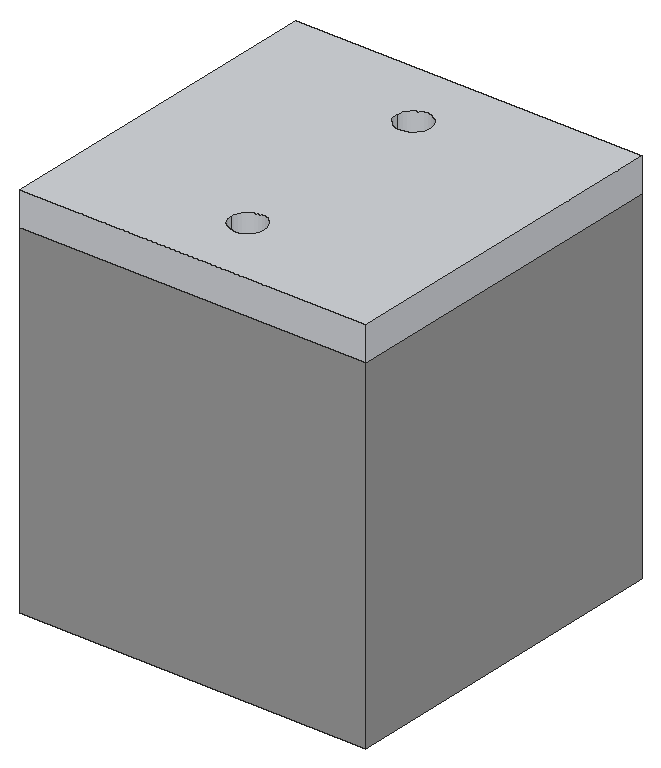
Revit family "Manhole", category Plumbing Fixtures, Revit 2022
Family settings
  Round Connector Dimension = Use Diameter
  Part Type = Normal
  OmniClass Number = 23.45.00.00
  OmniClass Title = Sanitary, Laundry, and Cleaning Equipment
  Work Plane-Based = Yes
  Always vertical = No
  Cut with Voids When Loaded = No
  Maintain Annotation Orientation = No
  Shared = No
  Room Calculation Point = No
Parameters (values of type "Catch Basin Grey")
  frame distance [instance] = 800 mm
  Overall Size [instance] = 1000 mm
  Manhole Depth(to Top of PCC) [instance] = 995 mm
  Manhole Size [instance] = 600 mm
  PCC thickness [instance] = 300 mm
  Default Elevation = 1219.2 mm
Reference planes
  plane 1 "Center (Front/Back)": y = 0
  plane 2: z = 0
  plane 3 "Center (Left/Right)": x = 0
  plane 4: z = 0
  plane 5: z = -995
  plane 6: y = 500
  plane 7: y = -500
  plane 8: x = -500
  plane 9: x = 500
  plane 10: x = -400
  plane 11: x = 400
  plane 12: y = -400
  plane 13: y = 400
Forms (mm)
  Sweep 1, solid, material "Default Floor"
    path origin (-143.147, 0, 0) x (1, 0, 0) y (0, 1, 0)
      loop
        line (-356.853, 500) -> (-356.853, -500) -> (643.147, -500) -> (643.147, 500) -> (-356.853, 500)
    profile origin (0, 500, 0) x (0, 1, 0) y (0, 0, 1)
      loop
        line (0, 0) -> (-100, 0) -> (-100, -1000) -> (0, -1000) -> (0, 0)
Dimensions and locks
  "Manhole Depth(to Top of PCC)": level to plane 5
  equal spacing: plane 7, plane 1 "Center (Front/Back)", plane 6
  "Overall Size": plane 7 to plane 6
  equal spacing: plane 8, plane 3 "Center (Left/Right)", plane 9
  "Overall Size": plane 8 to plane 9
  "frame distance": plane 13 to plane 12
  "frame distance": plane 10 to plane 11
  equal spacing: plane 10, plane 3 "Center (Left/Right)", plane 11
  equal spacing: plane 13, plane 1 "Center (Front/Back)", plane 12
  aligned and locked: level to plane 2
  aligned and locked: Sweep 1 sketch curve to plane 6
  aligned and locked: plane 6 to Sweep 1 sketch curve
  aligned and locked: plane 8 to Sweep 1 sketch curve
  aligned and locked: plane 7 to Sweep 1 sketch curve
  aligned and locked: Sweep 1 sketch curve to plane 9
  aligned and locked: plane 12 to Sweep 1
  aligned and locked: Sweep 1 to plane 13
  aligned and locked: Sweep 1 to plane 11
  aligned and locked: plane 10 to Sweep 1
  aligned and locked: Sweep 1 sketch curve to plane 13
  aligned and locked: level to Sweep 1 sketch curve
  aligned and locked: plane 3 "Center (Left/Right)" to nested 1
  aligned and locked: plane 1 "Center (Front/Back)" to nested 1
  aligned and locked: nested 1 to level
Automatic sketch dimensions
  Sweep 1 sketch curve to Sweep 1 sketch curve = 1000 mm
Nested families
  nested 1: "Trench cover" at (0, 0, 100), W <- "Overall Size", type "Trench cover"
    with t 100 mm, W 1000 mm
Definition of nested family "Trench cover"
  Parameters (values of type "Trench cover")
    t [instance] = 212.804 mm
    W [instance] = 1600 mm
    Offset = 200 mm
    Hole dia = 50 mm
    Default Elevation = 0 mm
  Reference planes
    plane 1 "Center (Front/Back)": y = 0
    plane 2: z = 0
    plane 3 "Center (Left/Right)": x = 0
    plane 4: x = 800
    plane 5: x = -800
    plane 6: y = 800
    plane 7: y = -800
    plane 8: z = -212.804
    plane 9: x = -600
    plane 10: x = 600
    plane 11: y = -600
    plane 12: y = 600
  Forms (mm)
    Extrusion 1, solid
      sketch origin (0, 0, 0) x (1, 0, 0) y (0, 1, 0)
        loop
          line (-800, 800) -> (-800, -800) -> (800, -800) -> (800, 800) -> (-800, 800)
      from 0 to -212.804
    Extrusion 2, void
      sketch origin (0, 0, 0) x (1, 0, 0) y (0, 1, 0)
        loop
          circle (0, 600) r 50
        loop
          circle (0, -600) r 50
      from 0 to -212.804
  Cuts and joins
    Extrusion 2 cuts Extrusion 1
  Dimensions and locks
    equal spacing: plane 5, plane 3 "Center (Left/Right)", plane 4
    equal spacing: plane 6, plane 1 "Center (Front/Back)", plane 7
    "W": plane 6 to plane 7
    "W": plane 5 to plane 4
    "t": level to plane 8
    "Offset": plane 5 to plane 9
    "Offset": plane 10 to plane 4
    "Offset": plane 11 to plane 7
    "Offset": plane 6 to plane 12
    "Hole dia": radius of Extrusion 2 sketch curve  (x2)
    aligned and locked: level to plane 2
    aligned and locked: Extrusion 1 sketch curve to plane 6
    aligned and locked: plane 5 to Extrusion 1 sketch curve
    aligned and locked: plane 7 to Extrusion 1 sketch curve
    aligned and locked: Extrusion 1 sketch curve to plane 4
    aligned and locked: Extrusion 1 to plane 8
    aligned and locked: level to Extrusion 1
    aligned and locked: plane 3 "Center (Left/Right)" to Extrusion 2 sketch curve  (x2)
    aligned and locked: plane 12 to Extrusion 2 sketch curve
    aligned and locked: plane 11 to Extrusion 2 sketch curve
